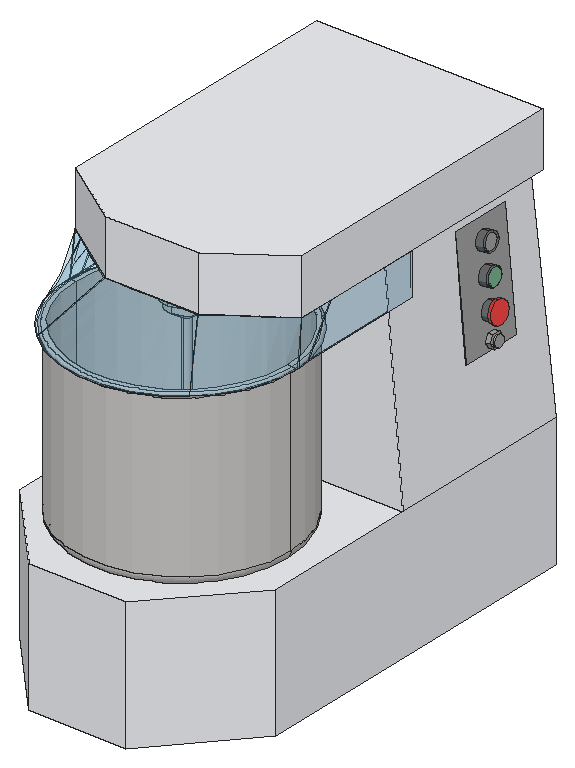
Revit family "QF_DITOSAMA_601546_DZSP25", category Specialty Equipment, Revit 2018
Family settings
  Round Connector Dimension = Use Diameter
  Part Type = Normal
  Work Plane-Based = No
  Always vertical = Yes
  Cut with Voids When Loaded = No
  Shared = No
  Room Calculation Point = No
Parameters
  Weight = 72.00 kg
  Watts = 0 W
  Volts = 0 V
  URL Manufacturer = ""
  URL = ""
  Steam Supply Size = 0 mm
  Steam Supply Minimum Pressure = 0.0 Pa
  Steam Supply Maximum Pressure = 0.0 Pa
  Steam Pounds per Hour = 0
  Refrigeration Suction Line Size = 0 mm
  Refrigeration Liquid Line Size = 0 mm
  Refrigerant Compressor Remote = yes
  Manufacturer = ""
  Phase = 0
  Model = ""
  Length Actual = 420 mm  # constant formula
  Item Number = ""
  Hot Water Size = 0 mm
  Height Actual = 670 mm  # constant formula
  HP = "1 HP"
  Gas Size = 0 mm
  Gas KW = 0
  Gas Input Pressure = 0 W
  Direct Waste Size = 0 mm
  Description = ""
  Depth Actual = 720 mm  # constant formula
  Cycle = 0 Hz
  Condensate Return Size = 0 mm
  Compressed Air Volume = 0.0 L/s
  Compressed Air Size = 0 mm
  Compressed Air Pressure = 0.0 Pa
  Cold Water Size = 0 mm
  Accessory = yes
Types (2, lengths in mm): name | Volts | URL Manufacturer | URL | Manufacturer | Phase | Model | Item Number | Description | Cycle
  (no name) | 0 V | "" | "" | "" | 0 | "" | "" | "" | 0 Hz
  QF_DITO SAMA_601546_DZSP25 | 400 V | "http://www.ditosama.com" | "http://www.ditosama.com" | "Dito Sama" | 3 | "DZSP25" | "601546" | "SPIRAL DOUGH KNEADER 32L 1SP.400/3" | 50 Hz
Reference planes
  plane 1 "Center (Front/Back)": y = 0
  plane 2: z = 0
  plane 3 "Center (Left/Right)": x = 0
  plane 4 "BASE": z = 225
  plane 5 "TOP": z = 670
  plane 6 "FRONT": y = -360
  plane 7 "BACK": y = 360
  plane 8 "LEFT": x = -210
  plane 9 "RIGHT": x = 210
  plane 10: z = 580
  plane 11 "CX": y = -145
  plane 12 "PANEL": through (215.128, -1524, 223.684) normal (-0.9953, 0, -0.0967)
Forms (mm)
  Extrusion 1, solid, material "QF_Finishes_White"
    sketch origin (0, 0, 0) x (1, 0, 0) y (0, 1, 0)
      loop
        line (-190, 340) -> (-190, 300) -> (-170, 300) -> (-170, 340) -> (-190, 340)
      loop
        line (-190, -165) -> (-190, -205) -> (-170, -205) -> (-170, -165) -> (-190, -165)
      loop
        line (190, 340) -> (170, 340) -> (170, 300) -> (190, 300) -> (190, 340)
      loop
        line (190, -165) -> (170, -165) -> (170, -205) -> (190, -205) -> (190, -165)
    from 0 to 10
  Extrusion 2, solid, material "QF_Finishes_White"
    sketch origin (0, 0, 0) x (1, 0, 0) y (0, 1, 0)
      loop
        line (-210, 360) -> (-210, -215) -> (-80, -360) -> (80, -360) -> (210, -215) -> (210, 360) -> (-210, 360)
    from 225 to 10
  Blend 3, solid, material "QF_Finishes_White"
    base sketch origin (0, 0, 0) x (1, 0, 0) y (0, 1, 0)
      loop
        line (-210, 360) -> (-210, 45) -> (210, 45) -> (210, 360) -> (-210, 360)
    top sketch origin (0, 0, 0) x (1, 0, 0) y (0, 1, 0)
      loop
        line (-180.517, 345) -> (-180.517, 45) -> (180.517, 45) -> (180.517, 345) -> (-180.517, 345)
    from 225 to 580
  Extrusion 4, solid, material "QF_Finishes_White"
    sketch origin (0, 0, 0) x (1, 0, 0) y (0, 1, 0)
      loop
        line (-185, 363.664) -> (-185, -130.435) -> (-76.176, -206.259) -> (76.175, -206.259) -> (185, -130.494) -> (185, 363.664) -> (-185, 363.664)
    from 670 to 580
  Revolve 5, solid, material "QF_Finishes_Stainless Steel"
    sketch origin (0, 20.508, -90) x (0, 1, 0) y (0, 0, 1)
      loop
        line (-116.74, 670) -> (-155.508, 670) -> (-155.508, 404.668) -> (-149.084, 404.668) -> (-149.084, 609.668) -> (-124.213, 626.444) -> (-124.213, 641.444) -> (-116.74, 641.444) -> (-116.74, 670)
      axis (-155.508, 404.668) -> (-155.508, 670)
    angle from 0 to 360
  Revolve 6, solid, material "QF_Finishes_Stainless Steel"
    sketch origin (0, -145, 0) x (0, 0, 1) y (1, 0, 0)
      loop
        line (513.04, 174.01) -> (513.04, 181.448)
        arc (513.04, 181.448) -> (509.488, 185) -> (505.937, 181.448) r 3.552
        line (505.937, 181.448) -> (505.937, 179.01) -> (240.325, 179.01)
        arc (240.325, 179.01) -> (229.489, 174.522) -> (225, 163.685) r 15.325
        line (225, 163.685) -> (225, 0) -> (230, 0) -> (230, 163.685)
        arc (230, 163.685) -> (233.024, 170.986) -> (240.325, 174.01) r 10.325
        line (240.325, 174.01) -> (513.04, 174.01)
      axis (225, 0) -> (513.04, 0)
    angle from 0 to 360
  Extrusion 7, solid, material "QF_Finishes_Gray"
    sketch origin (226.424, 0, 107.394) x (0.09668, 0, -0.995315) y (0, -1, 0)
      loop
        line (-459.766, -187.929) -> (-459.766, -287.929) -> (-269.766, -287.929) -> (-269.766, -187.929) -> (-459.766, -187.929)
    from 0 to -2
  Extrusion 8, solid, material "QF_Finishes_Rubber Black"
    sketch origin (226.424, 0, 107.394) x (0.09668, 0, -0.995315) y (0, -1, 0)
      loop
        circle (-428.413, -237.929) r 15
      loop
        circle (-428.413, -237.929) r 13
      loop
        circle (-378.413, -237.929) r 15
      loop
        circle (-378.413, -237.929) r 13
      loop
        circle (-328.413, -237.929) r 15
      loop
        circle (-328.413, -237.929) r 13
    from -2 to -16.389
  Extrusion 9, solid, material "QF_Finishes_Gray"
    sketch origin (226.424, 0, 107.394) x (0.09668, 0, -0.995315) y (0, -1, 0)
      loop
        circle (-428.413, -237.929) r 13
    from -2 to -16.389
  Extrusion 10, solid, material "QF_Finishes_Green"
    sketch origin (232.876, 0, 57.812) x (0.09668, 0, -0.995315) y (0, -1, 0)
      loop
        circle (-428.413, -237.929) r 13
    from -2 to -16.389
  Extrusion 11, solid, material "QF_Finishes_Red"
    sketch origin (226.424, 0, 107.394) x (0.09668, 0, -0.995315) y (0, -1, 0)
      loop
        circle (-328.413, -237.929) r 18
    from -16.389 to -20.985
  Extrusion 12, solid, material "QF_Finishes_Gray"
    sketch origin (226.424, 0, 107.394) x (0.09668, 0, -0.995315) y (0, -1, 0)
      loop
        line (-286.257, -250.541) -> (-275.335, -244.235) -> (-275.335, -231.623) -> (-286.257, -225.318) -> (-297.179, -231.623) -> (-297.179, -244.235) -> (-286.257, -250.541)
      loop
        circle (-286.257, -237.929) r 9
    from -12.471 to -2
  Extrusion 13, solid, material "QF_Finishes_Gray"
    sketch origin (226.424, 0, 107.394) x (0.09668, 0, -0.995315) y (0, -1, 0)
      loop
        circle (-286.257, -237.929) r 9
    from -2 to -16.389
  Extrusion 14, solid, material "QF_Finishes_Stainless Steel"
    sketch origin (0, 360, 0) x (-1, 0, 0) y (0, 0, 1)
      loop
        circle (0, 160) r 10
    from 0 to 3.664
  Blend 15, solid, material "Glass"
    base sketch origin (0, 0, 0) x (1, 0, 0) y (0, 1, 0)
      loop
        line (-185, 94.595) -> (-187, 94.595) -> (-187, -117.506)
        arc (-187, -117.506) -> (-188.298, -128.609) -> (-188.938, -139.768) r 189.01
        arc (-188.938, -139.768) -> (-173.519, -219.941) -> (-125.725, -286.132) r 189.01
        arc (-125.725, -286.132) -> (0, -334.01) -> (125.725, -286.132) r 189.01
        arc (125.725, -286.132) -> (173.519, -219.941) -> (188.938, -139.768) r 189.01
        arc (188.938, -139.768) -> (188.298, -128.609) -> (187, -117.506) r 189.01
        line (187, -117.506) -> (187, 94.595) -> (185, 94.595) -> (185, -117.653)
        arc (185, -117.653) -> (186.299, -128.71) -> (186.939, -139.824) r 187.01
        arc (186.939, -139.824) -> (171.683, -219.148) -> (124.394, -284.638) r 187.01
        arc (124.394, -284.638) -> (0, -332.01) -> (-124.394, -284.638) r 187.01
        arc (-124.394, -284.638) -> (-171.683, -219.148) -> (-186.939, -139.824) r 187.01
        arc (-186.939, -139.824) -> (-186.299, -128.71) -> (-185, -117.653) r 187.01
        line (-185, -117.653) -> (-185, 94.595)
    top sketch origin (0, 0, 0) x (1, 0, 0) y (0, 1, 0)
      loop
        line (-185, 94.595) -> (-187, 94.595) -> (-187, -70.405) -> (-187, -131.616) -> (-77, -208.259) -> (77, -208.259) -> (187, -131.675) -> (187, -70.405) -> (187, 94.595) -> (185, 94.595) -> (185, -70.405) -> (185, -130.631) -> (76.372, -206.259) -> (-76.372, -206.259) -> (-185, -130.572) -> (-185, -70.405) -> (-185, 94.595)
    from 510 to 580
Lines and regions (mm)
  symbolic lines
    curve 1: line (210, 360, 0) -> (-210, 360, 0)
    curve 2: line (-210, 360, 0) -> (-210, -215, 0)
    curve 3: line (-170.116, 360, 0) -> (-170.116, -138.643, 0)
    curve 4: line (170, -138.759, 0) -> (170, 360, 0)
    curve 5: arc (170, -62.387, 0) -> (0.133, -334.01, 0) -> (-170.116, -62.627, 0) r 189.01
    curve 6: line (-170.116, -138.643, 0) -> (-77, -208.259, 0)
    curve 7: line (77, -208.259, 0) -> (170, -138.759, 0)
    curve 8: line (80, -360, 0) -> (210, -215, 0)
    curve 9: line (-80, -360, 0) -> (80, -360, 0)
    curve 10: line (-210, -215, 0) -> (-80, -360, 0)
    curve 11: line (182.52, 287.929, 0) -> (170, 287.929, 0)
    curve 12: line (170, 187.929, 0) -> (182.52, 187.929, 0)
    curve 13: line (182.52, 187.929, 0) -> (182.52, 287.929, 0)
    curve 14: line (210, -215, 0) -> (210, 360, 0)
    curve 15: line (-170.116, 45, 0) -> (-210, 45, 0)
    curve 16: line (170, 45, 0) -> (210, 45, 0)
    curve 17: line (-77, -208.259, 0) -> (77, -208.259, 0)
Dimensions and locks
  plane 4 "BASE" to level = 225 mm
  plane 5 "TOP" to level = 670 mm  (x2)
  equal spacing: plane 8 "LEFT", plane 3 "Center (Left/Right)", plane 9 "RIGHT"
  equal spacing: plane 7 "BACK", plane 1 "Center (Front/Back)", plane 6 "FRONT"
  plane 7 "BACK" to plane 6 "FRONT" = 720 mm
  plane 8 "LEFT" to plane 9 "RIGHT" = 420 mm
  plane 5 "TOP" to plane 10 = 90 mm
  plane 6 "FRONT" to plane 11 "CX" = 215 mm
  plane 11 "CX" to plane 6 "FRONT" = 215 mm
  plane 10 to level = 580 mm
  aligned and locked: level to plane 2
Automatic sketch dimensions
  plane 8 "LEFT" to Extrusion 1 sketch curve = 20 mm  (x2)
  Extrusion 1 sketch curve to Extrusion 1 sketch curve = 20 mm  (x3)
  plane 9 "RIGHT" to Extrusion 1 sketch curve = 40 mm  (x2)
  Extrusion 1 sketch curve to plane 7 "BACK" = 20 mm  (x2)
  plane 9 "RIGHT" to Extrusion 1 sketch curve = 20 mm
  Extrusion 1 sketch curve to plane 7 "BACK" = 60 mm
  Extrusion 1 sketch curve to Extrusion 1 sketch curve = 40 mm  (x3)
  Extrusion 1 sketch curve to plane 11 "CX" = 20 mm  (x2)
  plane 8 "LEFT" to Extrusion 2 sketch curve = 0 mm
  plane 9 "RIGHT" to Extrusion 2 sketch curve = 0 mm
  Extrusion 2 sketch curve to plane 11 "CX" = 70 mm  (x2)
  Extrusion 2 sketch curve to plane 7 "BACK" = 0 mm
  plane 6 "FRONT" to Extrusion 2 sketch curve = 0 mm
  Extrusion 2 sketch curve to plane 3 "Center (Left/Right)" = 80 mm
  Extrusion 2 sketch curve to Extrusion 2 sketch curve = 0 mm  (x2)
  plane 3 "Center (Left/Right)" to Extrusion 2 sketch curve = 80 mm
  plane 8 "LEFT" to Blend 3 sketch curve = 0 mm
  plane 9 "RIGHT" to Blend 3 sketch curve = 0 mm
  Blend 3 sketch curve to plane 1 "Center (Front/Back)" = 45 mm  (x2)
  Blend 3 sketch curve to plane 7 "BACK" = 0 mm
  plane 8 "LEFT" to Blend 3 sketch curve = 29.483 mm
  plane 9 "RIGHT" to Blend 3 sketch curve = 29.483 mm
  Blend 3 sketch curve to plane 7 "BACK" = 15 mm
  Revolve 5 sketch curve to plane 10 = 0 mm
  plane 11 "CX" to Revolve 5 sketch curve = 10 mm  (x2)
  Revolve 5 sketch curve to Revolve 5 sketch curve = 6.424 mm
  Revolve 5 sketch curve to Revolve 5 sketch curve = 24.871 mm
  Revolve 5 sketch curve to Revolve 5 sketch curve = 7.472 mm
  Revolve 5 sketch curve to plane 10 = 28.556 mm
  Revolve 5 sketch curve to Revolve 5 sketch curve = 15 mm
  Revolve 5 sketch curve to Revolve 5 sketch curve = 16.776 mm
  plane 4 "BASE" to Revolve 5 sketch curve = 89.668 mm
  Revolve 5 sketch curve to plane 10 = 15 mm
  Revolve 5 sketch curve to Revolve 5 sketch curve = 10 mm
  Revolve 6 sketch curve to Revolve 6 sketch curve = 0 mm  (x2)
  Revolve 6 sketch curve to plane 4 "BASE" = 0 mm
  Revolve 6 sketch curve to plane 3 "Center (Left/Right)" = 0 mm  (x2)
  plane 4 "BASE" to Revolve 6 sketch curve = 5 mm
  Revolve 6 sketch curve to Revolve 6 sketch curve = 10.325 mm
  plane 9 "RIGHT" to Revolve 6 sketch curve = 30.99 mm
  Revolve 6 sketch curve to plane 10 = 74.063 mm
  Revolve 6 sketch curve to Revolve 6 sketch curve = 3.552 mm
  Revolve 6 sketch curve to Revolve 6 sketch curve = 2.438 mm
  Revolve 6 sketch curve to Revolve 6 sketch curve = 15.605 mm
  plane 5 "TOP" to Revolve 6 sketch curve = 25.605 mm
  Extrusion 7 sketch curve to plane 7 "BACK" = 72.071 mm
  Extrusion 7 sketch curve to Extrusion 7 sketch curve = 190 mm
  Extrusion 7 sketch curve to Extrusion 7 sketch curve = 100 mm
  Extrusion 8 sketch curve to Extrusion 8 sketch curve = 0 mm  (x8)
  Extrusion 8 sketch curve to plane 7 "BACK" = 122.071 mm
  Extrusion 8 sketch curve to Extrusion 8 sketch curve = 50 mm  (x2)
  Extrusion 9 sketch curve to plane 7 "BACK" = 122.071 mm
  Extrusion 10 sketch curve to plane 7 "BACK" = 122.071 mm
  Extrusion 11 sketch curve to plane 7 "BACK" = 122.071 mm
  Extrusion 12 sketch curve to plane 7 "BACK" = 128.377 mm
  Extrusion 12 sketch curve to plane 7 "BACK" = 134.682 mm
  Extrusion 12 sketch curve to Extrusion 12 sketch curve = 10.922 mm  (x3)
  Extrusion 12 sketch curve to plane 7 "BACK" = 109.459 mm
  Extrusion 12 sketch curve to Extrusion 12 sketch curve = 0 mm
  Extrusion 12 sketch curve to Extrusion 12 sketch curve = 6.306 mm  (x3)
  Extrusion 12 sketch curve to Extrusion 12 sketch curve = 12.612 mm
  Extrusion 13 sketch curve to plane 7 "BACK" = 122.071 mm
  Extrusion 14 sketch curve to plane 3 "Center (Left/Right)" = 0 mm
  Extrusion 14 sketch curve to plane 4 "BASE" = 65 mm
  Blend 15 sketch curve to Blend 15 sketch curve = 0 mm  (x93)
  Blend 15 sketch curve to plane 3 "Center (Left/Right)" = 0 mm
  Blend 15 sketch curve to plane 11 "CX" = 0 mm
  plane 8 "LEFT" to Blend 15 sketch curve = 25 mm
  Blend 15 sketch curve to Blend 15 sketch curve = 2 mm  (x5)
  plane 9 "RIGHT" to Blend 15 sketch curve = 25 mm  (x2)
  plane 1 "Center (Front/Back)" to Blend 15 sketch curve = 117.653 mm
  Blend 15 sketch curve to Blend 15 sketch curve = 0.147 mm
  Blend 15 sketch curve to plane 1 "Center (Front/Back)" = 94.595 mm  (x4)
  plane 6 "FRONT" to Blend 15 sketch curve = 75.362 mm  (x2)
  Blend 15 sketch curve to Blend 15 sketch curve = 1.33 mm  (x2)
  plane 11 "CX" to Blend 15 sketch curve = 5.176 mm  (x2)
  Blend 15 sketch curve to Blend 15 sketch curve = 1.999 mm  (x2)
  plane 8 "LEFT" to Blend 15 sketch curve = 23 mm
  Blend 15 sketch curve to plane 3 "Center (Left/Right)" = 76.372 mm
  plane 3 "Center (Left/Right)" to Blend 15 sketch curve = 76.372 mm
  Blend 15 sketch curve to Blend 15 sketch curve = 0.628 mm  (x2)
  Blend 15 sketch curve to plane 11 "CX" = 63.259 mm
  plane 11 "CX" to Blend 15 sketch curve = 13.325 mm
  plane 11 "CX" to Blend 15 sketch curve = 13.384 mm
  Blend 15 sketch curve to Blend 15 sketch curve = 1.044 mm
  Blend 15 sketch curve to Blend 15 sketch curve = 60.167 mm
  Blend 15 sketch curve to Blend 15 sketch curve = 61.27 mm
  Blend 15 sketch curve to Blend 15 sketch curve = 1.045 mm
  curve 1 to plane 7 "BACK" = 0 mm
  curve 1 to plane 8 "LEFT" = 0 mm
  curve 10 to plane 6 "FRONT" = 0 mm
  curve 5 to plane 3 "Center (Left/Right)" = 0 mm
  curve 8 to plane 9 "RIGHT" = 0 mm
  curve 5 to plane 11 "CX" = 0 mm
  plane 11 "CX" to curve 6 = 6.357 mm
  plane 8 "LEFT" to curve 6 = 39.884 mm
  curve 10 to plane 3 "Center (Left/Right)" = 80 mm
  plane 3 "Center (Left/Right)" to curve 9 = 80 mm
  plane 11 "CX" to curve 4 = 6.241 mm
  plane 9 "RIGHT" to curve 4 = 40 mm
  curve 11 to curve 11 = 12.52 mm
  curve 14 to plane 11 "CX" = 70 mm
  curve 10 to plane 11 "CX" = 70 mm
  curve 12 to plane 7 "BACK" = 172.071 mm
  curve 13 to plane 7 "BACK" = 72.071 mm
  curve 17 to plane 3 "Center (Left/Right)" = 77 mm
  plane 3 "Center (Left/Right)" to curve 7 = 77 mm
  curve 17 to plane 11 "CX" = 63.259 mm
  plane 1 "Center (Front/Back)" to curve 5 = 62.627 mm
  curve 16 to plane 1 "Center (Front/Back)" = 45 mm
  curve 15 to plane 1 "Center (Front/Back)" = 45 mm
  plane 7 "BACK" to Extrusion 4 sketch curve = 3.664 mm
  plane 8 "LEFT" to Extrusion 4 sketch curve = 25 mm
  plane 9 "RIGHT" to Extrusion 4 sketch curve = 25 mm
  plane 11 "CX" to Extrusion 4 sketch curve = 14.565 mm
  plane 11 "CX" to Extrusion 4 sketch curve = 14.506 mm
  Extrusion 4 sketch curve to plane 3 "Center (Left/Right)" = 76.176 mm
  plane 3 "Center (Left/Right)" to Extrusion 4 sketch curve = 76.175 mm
  Extrusion 4 sketch curve to plane 11 "CX" = 61.259 mm
  radius of Extrusion 8 sketch curve = 15 mm  (x3)
  radius of Extrusion 8 sketch curve = 13 mm  (x3)
  radius of Extrusion 9 sketch curve = 13 mm
  radius of Extrusion 10 sketch curve = 13 mm
  radius of Extrusion 11 sketch curve = 18 mm
  radius of Extrusion 12 sketch curve = 9 mm
  radius of Extrusion 13 sketch curve = 9 mm
  radius of Extrusion 14 sketch curve = 10 mm
Connectors
  electrical at (0, 363.664, 160), driven by "Volts"
    settings: on Extrusion 14, index 1, voltage 0 V, apparent load 0 VA, apparent load phase1 0 VA, apparent load phase2 0 VA, apparent load phase3 0 VA, power factor 1, load classification "Other", number of poles 1, system type 30, power factor state 1, is connector primary yes, connector utility no, sub classification motor no, connector description "Electrical Connection"
